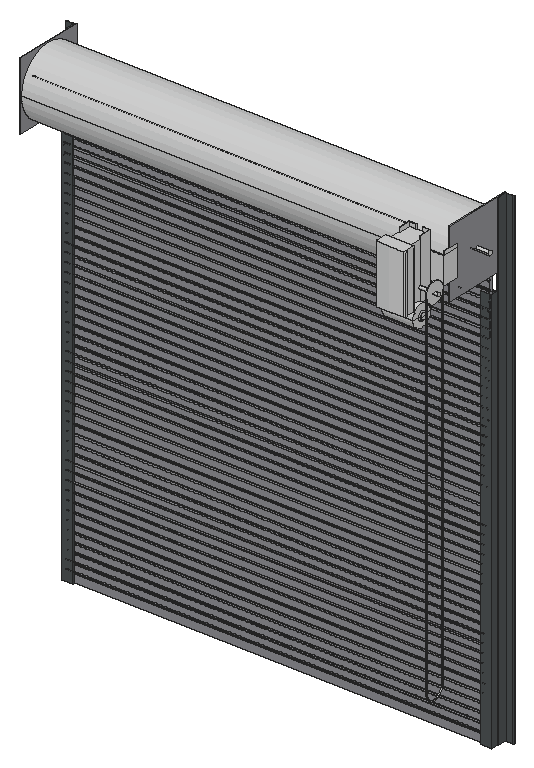
Revit family "Stormtite-HD-Insulated-Rolling-Steel-Service-Doors_OHD_Model-625_compact", category Specialty Equipment, host Wall, Revit 2023
Family settings
  Host = Wall
  Round Connector Dimension = Use Diameter
  Part Type = Normal
  OmniClass Number = 23.30.10.21.34
  OmniClass Title = Industrial Doors
  Enable Cutting in Views = No
  Always vertical = Yes
  Cut with Voids When Loaded = Yes
  Maintain Annotation Orientation = No
  Shared = No
  Room Calculation Point = No
Parameters (values of type "115 volts, one phase, 60 Hz (110-120V range)")
  Width Count [instance] = if(or(Opening Width < 240", Opening Width = 240"), 20, if(or(Opening Width < 288", Opening Width = 288"), 24, 30))  # 20
  Warning Sign [instance] = if(Calculated Area > 683.00 SF, 1 = 1, 1 = 2)  # no
  Warning (Note) [instance] = if(Warning Sign, "The Door Area is out of the limit; please adjust accordingly. The maximum allowed area is 683 sq. ft.", if(Opening Height > 360", "Headroom Clearance Dimensions - out of the limits. Consult Factory", " "))  # " "
  Wall Thickness [instance] = 6"
  Voltage = 115 V
  Version = "1.00.01"  # constant formula
  True Opening Width [instance] = if(Between Jambs Mounting, Door Width True, Clear Width)  # 120"
  True Opening Height [instance] = if(Between Jambs Mounting, Clear Height + Headroom Height, Clear Height)  # 120"
  Slat Type [instance] = "F-265i"  # constant formula
  Slat Option [instance] = 1  # constant formula
  Slat Length [instance] = Clear Width + G Value * 2 - 1" / 2 * 2  # 126"
  Slat Height [instance] = if(Slat < 2, 11 9/32", if(Slat = 2, 13 3/4", 13 19/128"))  # 13 19/128"
  Slat [instance] = 3  # constant formula
  Product Page URL = "https://www.overheaddoor.com/rolling-steel-service-doors-625"
  Power Factor = 1
  Powder Coat (Note) = "PowderGuard® Premium powder coat finish options are available in approximately 200 colors as well as custom matching to specification. PowderGuard® Textured finish, a thicker, more scratch resistant coat, is available in 11 colors providing enhanced scratch resistance as well as aiding in hiding the dirt and blemishes that often occur in commercial environments.​"  # constant formula
  Operator Visibility = yes
  Operation (Note) [instance] = "Door could operate by manual push, crank, electrical operator or chain hoist. Manual push up and crank could be used up to 80 sf, for larger door sizes you have to use Chain Hoist operator."  # constant formula
  Opening Width Real [instance] = if(Opening Width > Max Opening Width, Max Opening Width, if(Opening Width < Min Opening Width, Min Opening Width, Opening Width))  # 120"
  Opening Width [instance] = 120"
  Opening Height Real [instance] = if(Opening Height > Max Opening Height, Max Opening Height, if(Opening Height < Min Opening Height, Min Opening Height, Opening Height))  # 120"
  Opening Height [instance] = 120"
  One Array element [instance] = not(Array Vis)  # no
  Number of Poles = 1
  Motor Type [instance] = if(Between Jambs Mounting, "RSX Front of Hood", if(Motor Option < 2, "RSX Front of Hood", if(Motor Option = 2, "RSX Top of Hood", if(Motor Option = 3, "RSX Wall Mount", "RSX Bench Mount"))))  # "RSX Front of Hood"
  Motor Selection (Note) [instance] = "Generic operator shown. Contact Overhead Door when dimensions are critical. "  # constant formula
  Motor Position [instance] = if(Between Jambs Mounting, BJ Displacement Real, M Value - G Value)  # 2 3/4"
  Motor Option Real [instance] = if(Between Jambs Mounting, 1, if(Motor Option < 1, 1, if(Motor Option > 4, 4, Motor Option)))  # 1
  Motor Option [instance] = 1
  Min Opening Width [instance] = if(Between Jambs Mounting, 18" + BJ Displacement Real * 2 + G Value * 2, 18")  # 18"
  Min Opening Height [instance] = if(Between Jambs Mounting, 24" + Headroom Height, 24")  # 24"
  Max Opening Width [instance] = 364"  # constant formula
  Max Opening Height [instance] = 340"  # constant formula
  Material Finish [instance] = 625 : Standard - Gray
  M Value [instance] = if(or(Opening Width < 108", Opening Width = 108"), 5 1/4", if(or(Opening Width < 180", Opening Width = 180"), 6 1/4", if(or(Opening Width < 240", Opening Width = 240"), 7 1/4", if(or(Opening Width < 360", Opening Width = 360"), 10 1/4", 11 1/4"))))  # 6 1/4"
  Lookup Table = "Hood Dimensions"  # constant formula
  Lookup BD [instance] = size_lookup(Lookup Table, if(Slat = 1, "A1", if(Slat = 2, "A2", "A3")), 10", Width Count, Height Count)  # 20"
  Jambs Offset [instance] = if(Between Jambs Mounting, BJ Displacement Real + G Value, 0")  # 0"
  Installation Real [instance] = if(Between Jambs Mounting, if((Wall Thickness / 2 - Guid Depth / 2) < 0", 0", Wall Thickness / 2 - Guid Depth / 2), Wall Thickness)  # 6"
  Hood Type [instance] = if(Hood Option < 2, "No Hood", if(Hood Option = 2, "Square Hood", if(Hood Option = 3, "Octagon Hood", "Round Hood")))  # "No Hood"
  Hood Option [instance] = 1
  Hood Offset [instance] = if(Chain Hoist or Manual, 3", 5")  # 5"
  Hood Material [instance] = Metal - Overhead Door - Gray
  Hood Height [instance] = Headroom Height Real - Hood Offset  # 20"
  Height Count [instance] = HC 3  # 11
  Lookup HH [instance] = size_lookup(Lookup Table, if(Slat = 1, "A1", if(Slat = 2, "A2", "A3")), 10", Width Count, Height Count)  # 20"
  Headroom Height Real [instance] = if(Face Of Wall Mounting, if(Chain Hoist or Manual, Lookup HH + 3", Lookup HH + 5"), Lookup HH + 3")  # 25"
  Headroom Height [instance] = if(Between Jambs Mounting, Headroom Height Real, if(Hood Option > 1, Headroom Height Real + 1 1/2", Headroom Height Real))  # 25"
  HC 3 [instance] = if(or(Opening Height < 72", Opening Height = 72"), 6, if(or(Opening Height < 96", Opening Height = 96"), 8, if(or(Opening Height < 108", Opening Height = 108"), 9, if(or(Opening Height < 132", Opening Height = 132"), 11, if(or(Opening Height < 156", Opening Height = 156"), 13, if(or(Opening Height < 192", Opening Height = 192"), 16, if(or(Opening Height < 216", Opening Height = 216"), 18, if(or(Opening Height < 252", Opening Height = 252"), 21, 23))))))))  # 11
  Guide Type [instance] = if(Between Jambs Mounting, "Angled Between Jambs Z Guide", "Angled Z Guide")  # "Angled Z Guide"
  Guide Option [instance] = if(Between Jambs Mounting, 1, 2)  # 2
  Guid Depth [instance] = if(Between Jambs Mounting, D Value + 1/4", D Value)  # 5"
  G Value [instance] = if(or(Opening Width < 108", Opening Width = 108"), 3", if(or(Opening Width < 180", Opening Width = 180"), 3 1/2", if(or(Opening Width < 240", Opening Width = 240"), 4", if(or(Opening Width < 360", Opening Width = 360"), 5 5/8", 5 5/8"))))  # 3 1/2"
  Frequency = 60 Hz
  Face of Wall Offset [instance] = if(Between Jambs Mounting, 0", 5")  # 5"
  Face Of Wall Mounting [instance] = not(Between Jambs Mounting)  # yes
  Door Width True [instance] = if(Between Jambs Mounting, Clear Width + BJ Displacement Real * 2 + G Value * 2, Clear Width + M Value * 2)  # 132 1/2"
  Door Width (Real) [instance] = if(Between Jambs Mounting, Clear Width, Clear Width + 1" / 2)  # 120 1/2"
  Door Height True [instance] = Clear Width + Headroom Height  # 145"
  Door Height (Real) [instance] = Clear Height + Hood Offset  # 125"
  URL = "https://www.overheaddoor.com/"
  Product data url = "https://www.bimobject.com/overhead-door/product/stormtite-hd-rolling-steel-service-doors-625"
  Product Guid = "27e66299-b278-4dac-b6f1-fc7303876562"
  Model = "625"  # constant formula
  Manufacturer = "Overhead Door Corporation"  # constant formula
  Wall Closure = By host
  Floor To (CL) of Shaft [instance] = Clear Height + Hood Height / 2 + Hood Offset  # 135"
  Finish Material = Finish - Overhead Door - Black
  Description = "Model 625 Stormtite Insulated Heavy-duty rolling door R-value 7.7, U-value .13, Smoke generation 10, Flame spread 5, STC 21"  # constant formula
  Default Elevation = 0"
  Date Updated = "2026/05/29"  # constant formula
  D Value [instance] = if(or(Opening Width < 108", Opening Width = 108"), 4 1/2", if(or(Opening Width < 180", Opening Width = 180"), 5", if(or(Opening Width < 240", Opening Width = 240"), 5", if(or(Opening Width < 360", Opening Width = 360"), 6", 6"))))  # 5"
  Clear Width [instance] = if(Between Jambs Mounting, Opening Width Real - BJ Displacement Real * 2 - G Value * 2, Opening Width Real)  # 120"
  Clear Height [instance] = if(Between Jambs Mounting, Opening Height Real - Headroom Height, Opening Height Real)  # 120"
  Chain Hoist or Manual = no
  Current = 20 A
  Connector Array Distance = 0"  # constant formula
  Connector Array = if(Chain Hoist or Manual, 2, 3)  # 3
  BimObject_Variable_Connectors = "No"  # constant formula
  Between Jambs Mounting [instance] = no
  Between Jambs Guides Offset [instance] = 3"
  Bar [instance] = if(and(Hood Option > 1, Face Of Wall Mounting), 1 = 1, 1 = 2)  # no
  Backroom Depth [instance] = Lookup BD + 1/2"  # 20 1/2"
  BJ Opening Cut [instance] = if(Between Jambs Mounting, Headroom Height, 0")  # 0"
  BJ Displacement Real [instance] = if(Between Jambs Mounting, if(Between Jambs Guides Offset < 3", 3", if(Between Jambs Guides Offset > 6 3/4", 6 3/4", Between Jambs Guides Offset)), 0")  # 0"
  Array Vis [instance] = if(Array < 2, 1 = 2, 1 = 1)  # yes
  Array Real [instance] = if(Array < 2, 2, Array)  # 10
  Array Length [instance] = (Array) * Slat Height  # 131 31/64"
  Array [instance] = rounddown(([Door Height (Real)] - 3") / Slat Height) + 1  # 10
  Calculated Area [instance] = [Door Width (Real)] * [Door Height (Real)]  # 104.601 SF
  Apparent Load Phase 3 = if(Number of Poles = 1, 0 VA, (Voltage * Current * sqrt(3)) / 3)  # 0 VA
  Apparent Load Phase 2 = if(Number of Poles = 1, 0 VA, (Voltage * Current * sqrt(3)) / 3)  # 0 VA
  Apparent Load Phase 1 = if(Number of Poles = 1, Voltage * Current, (Voltage * Current * sqrt(3)) / 3)  # 2300 VA
Reference planes (in)
  plane 1 "Center (Front/Back)": y = -14.625
  plane 2 "Center (Left/Right)": x = 0
  plane 3 "Left": x = -60
  plane 4 "Right": x = 60
  plane 5 "Exterior": y = -8.625
  plane 6 "Interior": y = -14.625
  plane 7: x = 66.25
  plane 8: x = -66.25
  plane 9: z = 120
  plane 10 "Main": y = -18.98437
  plane 11 "Backroom Depth": y = -32.125
  plane 12 "Main Door Block": y = -11.625
  plane 13 "Bottom Bar": z = 2.75
  plane 14: y = -19.625
  plane 15: z = 134.23438
  plane 16: z = 145
  plane 17: z = 125
  plane 18: z = 146.5
  plane 19: z = 0
  plane 20: z = 60
  plane 21: y = -18.93359
  plane 22: y = 18.375
  plane 23: y = -41.625
  plane 24 "Double Main": y = -18.406
  plane 25 "Headroom Top": z = 145
  plane 26: z = 135
  plane 27: x = 63.5
  plane 28: x = -63.5
  plane 29: z = 121.08594
  plane 30: z = 2.75
  plane 31: y = -18.93359
  plane 32: z = 121.08594
  plane 33: y = -19.625
  plane 34: z = 15.89844
  plane 35: y = -19.01042
  plane 36: z = 29.04688
  plane 37: y = -19.08724
  plane 38: z = 42.19531
  plane 39: y = -19.16406
  plane 40: z = 55.34375
  plane 41: y = -19.24089
  plane 42: z = 68.49219
  plane 43: y = -19.31771
  plane 44: z = 81.64063
  plane 45: y = -19.39453
  plane 46: z = 94.78906
  plane 47: y = -19.47135
  plane 48: z = 107.9375
  plane 49: y = -19.54818
Forms (in)
  Extrusion 1, void
    sketch origin (0, -11.625, 0) x (0, 0, -1) y (-1, 0, 0)
      loop
        line (-120, 60) -> (-120, -60) -> (0, -60) -> (0, 60) -> (-120, 60)
    from -3 to 3
  Extrusion 2, solid, material "Metal - Overhead Door - Gray" <- "Hood Material", visible <- "Bar"
    sketch origin (0, 0, 0) x (0, 1, 0) y (0, 0, 1)
      loop
        line (-14.875, 145) -> (-14.625, 145) -> (-14.625, 146.5) -> (-14.875, 146.5) -> (-14.875, 145)
    from -63.25 to 63.25
Lines and regions (in)
  symbolic lines, visible <- "Bar"
    curve 1: line (63.25, -14.625, 0) -> (-63.25, -14.625, 0)
    curve 2: line (-63.25, -14.875, 0) -> (63.25, -14.875, 0)
Text (in)
  text "Exterior" at (-74.96733, 27.31104, 0), in view "Ref. Level"
  text "Interior" at (-74.96733, -25.14366, 0), in view "Ref. Level"
  text "Exterior" at (0, 40.15149, 123.01588), in view "Right"
  text "Interior" at (0, -64.39139, 123.01588), in view "Right"
  text "Interior" at (0, -31.01599, 123.00693), in view "Left"
  text "Exterior" at (0, 54.57065, 123.00693), in view "Left"
Dimensions and locks (in)
  equal spacing: plane 3 "Left", plane 2 "Center (Left/Right)", plane 4 "Right"
  "Clear Width": plane 3 "Left" to plane 4 "Right"
  level to host wall = 459.59655"
  "Clear Height": level to plane 9
  plane 7 to plane 8 = 132 1/2"
  equal spacing: plane 7, plane 2 "Center (Left/Right)", plane 8
  locked: plane 13 "Bottom Bar" to level at 2.75
  "Door Width True": plane 7 to plane 8
  locked: plane 14 to plane 10 "Main" at 0.64063
  "Array Length": plane 15 to plane 13 "Bottom Bar"
  "Backroom Depth": plane 11 "Backroom Depth" to plane 12 "Main Door Block"
  "Hood Height": plane 16 to plane 17
  locked: plane 18 to plane 16 at 1.5
  locked: Extrusion 2 sketch curve to Extrusion 2 sketch curve at 0.25
  "Installation Real": plane 1 "Center (Front/Back)" to plane 5 "Exterior"
  "Wall Thickness": host wall to host wall
  equal spacing: plane 9, plane 20, plane 19
  locked: plane 10 "Main" to plane 21 at 0.05078
  equal spacing: plane 22, host wall, plane 23
  locked: plane 22 to plane 23 at 60
  locked: plane 10 "Main" to plane 24 "Double Main" at 0.57837
  "BJ Opening Cut": Extrusion 1 sketch curve to plane 9
  locked: Extrusion 2 sketch curve to Extrusion 2 sketch curve at 1.5
  "Hood Offset": plane 17 to plane 9
  "Headroom Height": plane 25 "Headroom Top" to plane 9
  "Floor To (CL) of Shaft": plane 26 to level
  "Jambs Offset": plane 4 "Right" to Extrusion 1 sketch curve
  "Jambs Offset": Extrusion 1 sketch curve to plane 3 "Left"
  "Motor Position": plane 7 to plane 27
  "Motor Position": plane 28 to plane 8
  locked: plane 28 to Extrusion 2 at 0.25
  locked: Extrusion 2 to plane 27 at 0.25
  "Guid Depth": plane 14 to plane 1 "Center (Front/Back)"
  "Slat Height": plane 15 to plane 29
  equal spacing: group 1, group 3, group 4, group 5, group 6, group 7, group 8, group 9, group 10, group 2  (x2)
  equal spacing: group 2, group 10, group 9, group 8, group 7, group 6, group 5, group 4, group 3, group 1
  aligned and locked: plane 5 "Exterior" to host wall
  aligned and locked: host wall to plane 6 "Interior"
  aligned and locked: level to Extrusion 1 sketch curve
  aligned and locked: Extrusion 1 to plane 5 "Exterior"
  aligned and locked: plane 6 "Interior" to Extrusion 1
  aligned and locked: nested 1 to plane 2 "Center (Left/Right)"
  aligned and locked: plane 16 to nested 2
  aligned and locked: nested 1 to level
  aligned and locked: Extrusion 2 sketch curve to plane 18
  aligned and locked: Extrusion 2 sketch curve to plane 6 "Interior"
  aligned and locked: curve 1 to Extrusion 2  (x2)
  aligned and locked: curve 2 to Extrusion 2  (x2)
  aligned and locked: Extrusion 2 to curve 2
  aligned and locked: nested 2 to plane 5 "Exterior"
  aligned and locked: level to plane 19
  aligned and locked: nested 1 to plane 1 "Center (Front/Back)"
  aligned and locked: plane 2 "Center (Left/Right)" to nested 3
  aligned and locked: nested 3 to plane 22
  aligned and locked: plane 23 to nested 4
  aligned and locked: nested 4 to plane 2 "Center (Left/Right)"
  aligned and locked: nested 5 to plane 20
  aligned and locked: plane 2 "Center (Left/Right)" to nested 5
  aligned and locked: nested 2 to plane 27
  aligned and locked: nested 5 to plane 21
  aligned and locked: nested 1 to plane 13 "Bottom Bar"
  aligned and locked: plane 13 "Bottom Bar" to plane 30
  aligned and locked: plane 21 to plane 31
  aligned and locked: plane 29 to plane 32
  aligned and locked: plane 14 to plane 33
  aligned and locked: plane 21 to nested 14
Automatic sketch dimensions
  curve 1 to curve 2 = 0"
Nested families (in)
  nested 1: "Lifts" at (0, -14.625, 0), type "Frame Unit"
    with Square Hood no, Round Hood no, Octagon Hood no, No Hood yes, M Value 6 1/4", Hood Offset 5", Hood Height 20", Headroom Height Real 25", Half Octagon Side 4.14214", Half Hood Height 20", Shaft Offset 10", Radius Hood 10", Headroom Height 25", Header Width 20 1/2", Guide Z Wide 2 3/4", Floor To (CL) of Shaft 135", D Value 5"
  nested 2: "Motor" at (56.6205, -42.705, 123.93), visible <- "Operator Visibility", type "Trolley Motor"
    with Vertical Mount 21.07", Hood Width Real 20 1/2", Hood Width 20 1/2", Hood Height 20", Floor To Cl Shaft 135"
  nested 3: "Label Annotation 1" at (0, 18.375, 0), visible <- "Warning Sign", type "Label Annotation 1"
  nested 4: "Label Annotation 1" at (0, -41.625, 0) x (-1, 0, 0) z (0, 0, 1), visible <- "Warning Sign", type "Label Annotation 1"
  nested 5: "Warning Sign" at (0, -18.93359, 60), visible <- "Warning Sign", type "Warning Sign"
    with Warning Sign no
  nested 6: "625" at (0, -18.93359, 2.75), type <- "Material Finish", Slat Option <- "Slat", visible <- "Array Vis", Opening Width <- "Slat Length", type "Standard - Gray"
    with Void Offset 1", Void Height 1", Slat Width 3/4", Slat Position + Offset 14.491", Slat Position 13.15", Slat Option 3, Opening Width 126", Integrated Cutout no, F 265, FE 265 yes, Cutout Width Offset 1", Cutout Vertical Offset 1.341", Cutout Horizontal Offset 1", C 275 no, C 187 Standard no
  nested 7: "625" at (0, -19.625, 121.08594), type <- "Material Finish", Slat Option <- "Slat", visible <- "Array Vis", Opening Width <- "Slat Length", type "Standard - Gray"
    with Void Offset 1", Void Height 1", Slat Width 3/4", Slat Position + Offset 14.491", Slat Position 13.15", Slat Option 3, Opening Width 126", Integrated Cutout no, F 265, FE 265 yes, Cutout Width Offset 1", Cutout Vertical Offset 1.341", Cutout Horizontal Offset 1", C 275 no, C 187 Standard no
  nested 8: "625" at (0, -19.01042, 15.89844), type <- "Material Finish", Slat Option <- "Slat", visible <- "Array Vis", Opening Width <- "Slat Length", type "Standard - Gray"
    with Void Offset 1", Void Height 1", Slat Width 3/4", Slat Position + Offset 14.491", Slat Position 13.15", Slat Option 3, Opening Width 126", Integrated Cutout no, F 265, FE 265 yes, Cutout Width Offset 1", Cutout Vertical Offset 1.341", Cutout Horizontal Offset 1", C 275 no, C 187 Standard no
  nested 9: "625" at (0, -19.08724, 29.04688), type <- "Material Finish", Slat Option <- "Slat", visible <- "Array Vis", Opening Width <- "Slat Length", type "Standard - Gray"
    with Void Offset 1", Void Height 1", Slat Width 3/4", Slat Position + Offset 14.491", Slat Position 13.15", Slat Option 3, Opening Width 126", Integrated Cutout no, F 265, FE 265 yes, Cutout Width Offset 1", Cutout Vertical Offset 1.341", Cutout Horizontal Offset 1", C 275 no, C 187 Standard no
  nested 10: "625" at (0, -19.16406, 42.19531), type <- "Material Finish", Slat Option <- "Slat", visible <- "Array Vis", Opening Width <- "Slat Length", type "Standard - Gray"
    with Void Offset 1", Void Height 1", Slat Width 3/4", Slat Position + Offset 14.491", Slat Position 13.15", Slat Option 3, Opening Width 126", Integrated Cutout no, F 265, FE 265 yes, Cutout Width Offset 1", Cutout Vertical Offset 1.341", Cutout Horizontal Offset 1", C 275 no, C 187 Standard no
  nested 11: "625" at (0, -19.24089, 55.34375), type <- "Material Finish", Slat Option <- "Slat", visible <- "Array Vis", Opening Width <- "Slat Length", type "Standard - Gray"
    with Void Offset 1", Void Height 1", Slat Width 3/4", Slat Position + Offset 14.491", Slat Position 13.15", Slat Option 3, Opening Width 126", Integrated Cutout no, F 265, FE 265 yes, Cutout Width Offset 1", Cutout Vertical Offset 1.341", Cutout Horizontal Offset 1", C 275 no, C 187 Standard no
  nested 12: "625" at (0, -19.31771, 68.49219), type <- "Material Finish", Slat Option <- "Slat", visible <- "Array Vis", Opening Width <- "Slat Length", type "Standard - Gray"
    with Void Offset 1", Void Height 1", Slat Width 3/4", Slat Position + Offset 14.491", Slat Position 13.15", Slat Option 3, Opening Width 126", Integrated Cutout no, F 265, FE 265 yes, Cutout Width Offset 1", Cutout Vertical Offset 1.341", Cutout Horizontal Offset 1", C 275 no, C 187 Standard no
  nested 13: "625" at (0, -19.39453, 81.64063), type <- "Material Finish", Slat Option <- "Slat", visible <- "Array Vis", Opening Width <- "Slat Length", type "Standard - Gray"
    with Void Offset 1", Void Height 1", Slat Width 3/4", Slat Position + Offset 14.491", Slat Position 13.15", Slat Option 3, Opening Width 126", Integrated Cutout no, F 265, FE 265 yes, Cutout Width Offset 1", Cutout Vertical Offset 1.341", Cutout Horizontal Offset 1", C 275 no, C 187 Standard no
  nested 14: "625" at (0, -18.93359, 2.75), type <- "Material Finish", Slat Option <- "Slat", visible <- "One Array element", Opening Width <- "Slat Length", type "Standard - Gray"
    with Void Offset 1", Void Height 1", Slat Width 3/4", Slat Position + Offset 14.491", Slat Position 13.15", Slat Option 3, Opening Width 126", Integrated Cutout no, F 265, FE 265 yes, Cutout Width Offset 1", Cutout Vertical Offset 1.341", Cutout Horizontal Offset 1", C 275 no, C 187 Standard no
  nested 15: "625" at (0, -19.47135, 94.78906), type <- "Material Finish", Slat Option <- "Slat", visible <- "Array Vis", Opening Width <- "Slat Length", type "Standard - Gray"
    with Void Offset 1", Void Height 1", Slat Width 3/4", Slat Position + Offset 14.491", Slat Position 13.15", Slat Option 3, Opening Width 126", Integrated Cutout no, F 265, FE 265 yes, Cutout Width Offset 1", Cutout Vertical Offset 1.341", Cutout Horizontal Offset 1", C 275 no, C 187 Standard no
  nested 16: "625" at (0, -19.54818, 107.9375), type <- "Material Finish", Slat Option <- "Slat", visible <- "Array Vis", Opening Width <- "Slat Length", type "Standard - Gray"
    with Void Offset 1", Void Height 1", Slat Width 3/4", Slat Position + Offset 14.491", Slat Position 13.15", Slat Option 3, Opening Width 126", Integrated Cutout no, F 265, FE 265 yes, Cutout Width Offset 1", Cutout Vertical Offset 1.341", Cutout Horizontal Offset 1", C 275 no, C 187 Standard no
Connectors (in)
  electrical at (59.6085, -41.31077, 134.4998), driven by "Apparent Load Phase 1", driven by "Power Factor", driven by "Voltage", driven by "Apparent Load Phase 2", driven by "Apparent Load Phase 3", driven by "Number of Poles"
    settings: on nested 2, index 1, voltage 115 V, apparent load 0 VA, apparent load phase1 2300 VA, apparent load phase2 0 VA, apparent load phase3 0 VA, power factor 1, load classification "Other", number of poles 1, system type 31, power factor state 1, is connector primary yes, connector utility no, sub classification motor no, connector description "Electrical Connector"
Definition of nested family "Lifts"
  Parameters (values of type "Frame Unit")
    True Width = if(Between Jambs, Opening Width, Opening Width + 1/2")  # 120 1/2"
    Square Hood [instance] = if(Hood Option = 2, 1 = 1, 1 = 2)  # no
    Slat Option = 1
    Round Hood [instance] = if(Hood Option > 3, 1 = 1, 1 = 2)  # no
    Rough Width = 0"
    Rough Height = 0"
    Octagon Hood [instance] = if(Hood Option = 3, 1 = 1, 1 = 2)  # no
    No Hood [instance] = if(Hood Option < 2, 1 = 1, 1 = 2)  # yes
    M Value = 5 1/4"
    Hood Type = if(Hood Option < 2, "No Hood", if(Hood Option = 2, "Square Hood", if(Hood Option = 3, "Octagon Hood", "Round Hood")))  # "No Hood"
    Hood Option = 1
    Hood Offset = 3"
    Hood Height = Headroom Height Real - Hood Offset  # 16"
    Headroom Height Real = Headroom Height  # 19"
    Half Octagon Side = (Radius Hood * 2 * tan(180.00° / 8)) / 2  # 3.00305"
    Half Hood Height = Headroom Height - Hood Offset  # 16"
    G Value = 3 1/2"
    E Guide Width = if(Between Jambs, Guide Offset - G Value + BJ Connection Length - BJ Displacement * 2 / 3, 3")  # 3"
    E Guide Height = 3"  # constant formula
    Z Guide = 1 = 1  # yes
    Slat Material = none
    Shaft Offset = if(Hood Option > 3, (Header Width - (Header Width - Hood Height)) / 2, if(Hood Height < Header Width, (Header Width - (Header Width - Hood Height)) / 2, Header Width / 2))  # 7 1/4"
    Shaft Material = none
    Shaft Length 2 = if(Between Jambs, G Value + BJ Displacement, G Value + 4")  # 7 1/2"
    Shaft Length 1 = if(Between Jambs, G Value + BJ Displacement, G Value + 4")  # 7 1/2"
    Setback = if(Between Jambs, 0", 1/4")  # 1/4"
    Radius Hood = Shaft Offset  # 7 1/4"
    Opening Width = 120"
    Hood Material = none
    Headroom Height = 19"
    Header Width = 14 1/2"
    Opening Height = 120"
    Guide Type = if(Between Jambs, "Angled Between Jambs Z Guide", if(Guide Option > 1, "Angled Z Guide", "Angled E Guide"))  # "Angled Z Guide"
    Guide Option = if(Between Jambs, 1, 2)  # 2
    Guide Offset = BJ Displacement + G Value  # 3 1/2"
    Guide Z Wide = if(Between Jambs, Guide Offset - G Value + BJ Connection Length - BJ Displacement * 2 / 3, M Value - G Value)  # 1 3/4"
    Guide Z Height = 3"  # constant formula
    Floor To (CL) of Shaft = 131"
    Finish Material = none
    Face to Wall Mount = not(Between Jambs)  # yes
    E Guide = if(Between Jambs, 1 = 1, 1 = 2)  # no
    Default Elevation = 0"
    D Value = 4 1/2"
    Between Jambs = no
    BJ Position = if(Between Jambs, 1/4", 0")  # 0"
    BJ Displacement = 0"
    BJ Connection Length = 1 / 3 * BJ Displacement  # 0"
    Angled Guide = 1 = 1  # yes
  Reference planes (in)
    plane 1 "Center (Front/Back)": y = 0
    plane 2: z = 0
    plane 3 "Center (Left/Right)": x = 0
    plane 4 "Opening Height": z = 120
    plane 5: x = -67.5
    plane 6: x = 67.5
    plane 7: z = 139
    plane 8: y = 14.5
    plane 9 "Real Opening 2": x = -60
    plane 10 "Real Opening 1": x = 60
    plane 11: z = 123
    plane 12 "Main": y = 0
    plane 13: z = 131
    plane 14: y = 7.25
    plane 15: x = 63.5
    plane 16: x = -63.5
    plane 17: x = -63.5
    plane 18: x = 63.5
    plane 19: y = 4.5
    plane 20: x = -63.25
    plane 21: x = 63.25
    plane 22: y = 7.25
    plane 23: z = 140.5
    plane 24: y = 4.5
    plane 25: y = 3.375
    plane 26: y = 4.5
    plane 27: y = 3.375
  Forms (in)
    Extrusion 1, solid, material <- "Slat Material"
      sketch origin (0, 0, 0) x (0, 1, 0) y (0, 0, 1)
        loop
          line (3.6875, 2.375) -> (3.6875, 2.75) -> (3.0625, 2.75) -> (3.0625, 2.375) -> (3.6875, 2.375)
      from -63.25 to 63.25
    Extrusion 2, solid, material <- "Slat Material"
      sketch origin (0, 0, 0) x (0, 1, 0) y (0, 0, 1)
        loop
          line (3.6875, 2.375) -> (3.0625, 2.375) -> (3.0625, 0) -> (3.6875, 0) -> (3.6875, 2.375)
      from -63.25 to 63.25
    Extrusion 3, solid, material <- "Shaft Material"
      sketch origin (0, -5.35201, 0) x (0, 1, 0) y (0, 0, 1)
        loop
          circle (12.60201, 131) r 0.6
      from -67.5 to 67.5
    Extrusion 4, solid, material <- "Hood Material", visible <- "Square Hood"
      sketch origin (0, 0, 0) x (0, 1, 0) y (0, 0, 1)
        loop
          line (0, 123) -> (14.5, 123) -> (14.5, 139) -> (0, 139) -> (0, 123)
      from -63.25 to 63.25
    Extrusion 5, solid, material <- "Hood Material", visible <- "Round Hood"
      sketch origin (0, 0, 0) x (0, 1, 0) y (0, 0, 1)
        loop
          line (0, 139) -> (0, 123) -> (7.25, 123)
          arc (7.25, 123) -> (15.25, 131) -> (7.25, 139) r 8
          line (7.25, 139) -> (0, 139)
      from -63.25 to 63.25
    Extrusion 6, solid, material <- "Finish Material", visible <- "E Guide"
      sketch origin (0, 0, 0) x (1, 0, 0) y (0, 1, 0)
        loop
          line (60.5, 0) -> (63.5, 0) -> (63.5, 3) -> (63.4375, 3)
          arc (63.4375, 3) -> (63.30492, 2.94508) -> (63.25, 2.8125) r 0.1875
          line (63.25, 2.8125) -> (63.25, 0.25) -> (60.6875, 0.25)
          arc (60.6875, 0.25) -> (60.55492, 0.19508) -> (60.5, 0.0625) r 0.1875
          line (60.5, 0.0625) -> (60.5, 0)
        loop
          line (-60.5, 0) -> (-60.5, 0.0625)
          arc (-60.5, 0.0625) -> (-60.55492, 0.19508) -> (-60.6875, 0.25) r 0.1875
          line (-60.6875, 0.25) -> (-63.25, 0.25) -> (-63.25, 2.8125)
          arc (-63.25, 2.8125) -> (-63.30492, 2.94508) -> (-63.4375, 3) r 0.1875
          line (-63.4375, 3) -> (-63.5, 3) -> (-63.5, 0) -> (-60.5, 0)
      from 0 to 139
    Extrusion 7, solid, material <- "Finish Material", visible <- "Z Guide"
      sketch origin (0, 0, 0) x (1, 0, 0) y (0, 1, 0)
        loop
          line (65.25, 0) -> (65.25, 0.062)
          arc (65.25, 0.062) -> (65.19494, 0.19494) -> (65.062, 0.25) r 0.188
          line (65.062, 0.25) -> (63.75, 0.25) -> (63.75, 2.812)
          arc (63.75, 2.812) -> (63.69494, 2.94494) -> (63.562, 3) r 0.188
          line (63.562, 3) -> (63.5, 3) -> (63.5, 0) -> (65.25, 0)
        loop
          line (-65.25, 0) -> (-63.5, 0) -> (-63.5, 3) -> (-63.562, 3)
          arc (-63.562, 3) -> (-63.69494, 2.94494) -> (-63.75, 2.812) r 0.188
          line (-63.75, 2.812) -> (-63.75, 0.25) -> (-65.062, 0.25)
          arc (-65.062, 0.25) -> (-65.19494, 0.19494) -> (-65.25, 0.062) r 0.188
          line (-65.25, 0.062) -> (-65.25, 0)
      from 0 to 139
    Extrusion 8, solid, material <- "Finish Material", visible <- "Angled Guide"
      sketch origin (0, 0, 0) x (1, 0, 0) y (0, 1, 0)
        loop
          line (60.25, 4.5) -> (60.25, 4.437)
          arc (60.25, 4.437) -> (60.30477, 4.30477) -> (60.437, 4.25) r 0.187
          line (60.437, 4.25) -> (63.25, 4.25) -> (63.25, 2.5) -> (60.25, 2.5) -> (60.25, 2.437)
          arc (60.25, 2.437) -> (60.30477, 2.30477) -> (60.437, 2.25) r 0.187
          line (60.437, 2.25) -> (63, 2.25) -> (63, 0.5625) -> (63.25, 0.5625) -> (63.25, 0.25) -> (63.5, 0.25) -> (63.5, 4.5) -> (60.25, 4.5)
        loop
          line (-60.25, 4.5) -> (-63.5, 4.5) -> (-63.5, 0.25) -> (-63.25, 0.25) -> (-63.25, 0.5625) -> (-63, 0.5625) -> (-63, 2.25) -> (-60.437, 2.25)
          arc (-60.437, 2.25) -> (-60.30477, 2.30477) -> (-60.25, 2.437) r 0.187
          line (-60.25, 2.437) -> (-60.25, 2.5) -> (-63.25, 2.5) -> (-63.25, 4.25) -> (-60.437, 4.25)
          arc (-60.437, 4.25) -> (-60.30477, 4.30477) -> (-60.25, 4.437) r 0.187
          line (-60.25, 4.437) -> (-60.25, 4.5)
      from 0 to 120
    Extrusion 9, solid, material <- "Hood Material"
      sketch origin (0, 0, 0) x (-1, 0, 0) y (0, 0, 1)
        loop
          line (63.25, 123) -> (63.5, 123) -> (63.5, 139) -> (63.25, 139) -> (63.25, 123)
        loop
          line (-63.5, 123) -> (-63.25, 123) -> (-63.25, 139) -> (-63.5, 139) -> (-63.5, 123)
      from 0 to 14.5
    Extrusion 10, solid, material <- "Shaft Material", visible <- "No Hood"
      sketch origin (0, 0, 0) x (0, 1, 0) y (0, 0, 1)
        loop
          circle (7.25, 131) r 7.25
      from -63.25 to 63.25
    Extrusion 11, solid, material <- "Hood Material", visible <- "Octagon Hood"
      sketch origin (0, 0, 0) x (0, 1, 0) y (0, 0, 1)
        loop
          line (0, 139) -> (0, 123) -> (10.25305, 123) -> (14.5, 127.99695) -> (14.5, 134.00305) -> (10.25305, 139) -> (0, 139)
      from -63.25 to 63.25
  Lines and regions (in)
    Masking region 1
      outline origin (0, 0, 0) x (1, 0, 0) y (0, 1, 0)
        loop
          line (67.5, 7.85) -> (63.5, 7.85) -> (63.5, 6.65) -> (67.5, 6.65) -> (67.5, 7.85)
        loop
          line (-67.5, 6.65) -> (-63.5, 6.65) -> (-63.5, 7.85) -> (-67.5, 7.85) -> (-67.5, 6.65)
    Masking region 2
      outline origin (0, 0, 0) x (1, 0, 0) y (0, 1, 0)
        loop
          line (-63.5, 14.5) -> (-63.5, 0) -> (63.5, 0) -> (63.5, 14.5) -> (-63.5, 14.5)
    Masking region 3, visible <- "Z Guide"
      outline origin (0, 0, 0) x (1, 0, 0) y (0, 1, 0)
        loop
          line (65.062, 0.25) -> (63.75, 0.25) -> (63.75, 2.812)
          arc (63.75, 2.812) -> (63.69494, 2.94494) -> (63.562, 3) r 0.188
          line (63.562, 3) -> (63.5, 3) -> (63.5, 0) -> (65.25, 0) -> (65.25, 0.062)
          arc (65.25, 0.062) -> (65.19494, 0.19494) -> (65.062, 0.25) r 0.188
        loop
          line (-63.75, 0.25) -> (-65.062, 0.25)
          arc (-65.062, 0.25) -> (-65.19494, 0.19494) -> (-65.25, 0.062) r 0.188
          line (-65.25, 0.062) -> (-65.25, 0) -> (-63.5, 0) -> (-63.5, 3) -> (-63.562, 3)
          arc (-63.562, 3) -> (-63.69494, 2.94494) -> (-63.75, 2.812) r 0.188
          line (-63.75, 2.812) -> (-63.75, 0.25)
    Masking region 4, visible <- "E Guide"
      outline origin (0, 0, 0) x (1, 0, 0) y (0, 1, 0)
        loop
          line (-63.5, 3) -> (-63.5, 0) -> (-60.5, 0) -> (-60.5, 0.0625)
          arc (-60.5, 0.0625) -> (-60.55492, 0.19508) -> (-60.6875, 0.25) r 0.1875
          line (-60.6875, 0.25) -> (-63.25, 0.25) -> (-63.25, 2.8125)
          arc (-63.25, 2.8125) -> (-63.30492, 2.94508) -> (-63.4375, 3) r 0.1875
          line (-63.4375, 3) -> (-63.5, 3)
        loop
          line (63.5, 0) -> (63.5, 3) -> (63.4375, 3)
          arc (63.4375, 3) -> (63.30492, 2.94508) -> (63.25, 2.8125) r 0.1875
          line (63.25, 2.8125) -> (63.25, 0.25) -> (60.6875, 0.25)
          arc (60.6875, 0.25) -> (60.55492, 0.19508) -> (60.5, 0.0625) r 0.1875
          line (60.5, 0.0625) -> (60.5, 0) -> (63.5, 0)
    symbolic lines
      curve 1: line (-63.25, 0, 0) -> (-63.25, 14.5, 0)
      curve 2: line (63.25, 14.5, 0) -> (63.25, 0, 0)
    symbolic lines, visible <- "Octagon Hood"
      curve 3: line (-63.25, 10.25305, 0) -> (63.25, 10.25305, 0)
  Dimensions and locks (in)
    Extrusion 1 sketch curve to level = 2 3/8"
    locked: Extrusion 1 sketch curve to Extrusion 1 sketch curve at 0.625
    locked: Extrusion 2 sketch curve to level at 2.375
    "Headroom Height Real": plane 7 to plane 4 "Opening Height"
    plane 8 to plane 1 "Center (Front/Back)" = 14 1/2"
    "Radius Hood": Extrusion 5 sketch curve to plane 8
    "Opening Height": plane 4 "Opening Height" to level
    "Hood Offset": plane 11 to plane 4 "Opening Height"
    "BJ Position": plane 12 "Main" to plane 1 "Center (Front/Back)"
    "Header Width": plane 12 "Main" to plane 8
    "Floor To (CL) of Shaft": plane 13 to level
    "Shaft Offset": Extrusion 3 sketch curve to plane 8
    locked: Extrusion 2 sketch curve to Extrusion 2 sketch curve at 0.625
    "Shaft Offset": plane 8 to plane 14
    locked: Masking region 1 sketch curve to Masking region 1 sketch curve at 1.2
    locked: Masking region 1 sketch curve to plane 14 at 0.6
    "Guide Offset": plane 10 "Real Opening 1" to plane 15
    "Guide Offset": plane 16 to plane 9 "Real Opening 2"
    locked: Extrusion 6 sketch curve to Extrusion 6 sketch curve at 0.25  (x4)
    "E Guide Height": Extrusion 6 sketch curve to Extrusion 6 sketch curve  (x2)
    "E Guide Width": Extrusion 6 sketch curve to Extrusion 6 sketch curve  (x2)
    locked: Extrusion 7 sketch curve to Extrusion 7 sketch curve at 0.25  (x4)
    "Guide Z Wide": Extrusion 7 sketch curve to Extrusion 7 sketch curve  (x2)
    "Guide Z Height": Extrusion 7 sketch curve to Extrusion 7 sketch curve  (x2)
    locked: Extrusion 8 sketch curve to Extrusion 8 sketch curve at 0.25  (x8)
    locked: Extrusion 8 sketch curve to Extrusion 8 sketch curve at 2.25  (x2)
    locked: Extrusion 8 sketch curve to Extrusion 8 sketch curve at 4.25  (x2)
    locked: Extrusion 8 sketch curve to Extrusion 8 sketch curve at 0.3125  (x2)
    "Setback": plane 10 "Real Opening 1" to Extrusion 8 sketch curve
    "Setback": Extrusion 8 sketch curve to plane 9 "Real Opening 2"
    equal spacing: plane 16, plane 3 "Center (Left/Right)", plane 15
    "G Value": Extrusion 7 sketch curve to plane 9 "Real Opening 2"
    "G Value": plane 10 "Real Opening 1" to Extrusion 7 sketch curve
    "G Value": plane 10 "Real Opening 1" to plane 18
    "G Value": plane 17 to plane 9 "Real Opening 2"
    "Shaft Length 1": plane 5 to plane 9 "Real Opening 2"
    "Shaft Length 2": plane 6 to plane 10 "Real Opening 1"
    locked: Extrusion 2 to plane 18 at 0.25
    locked: Extrusion 2 to plane 17 at 0.25
    locked: plane 17 to plane 20 at 0.25
    locked: plane 21 to plane 18 at 0.25
    "Shaft Offset": Extrusion 10 sketch curve to plane 8
    plane 13 to plane 11 = 8"
    plane 7 to plane 13 = 8"
    "Shaft Offset": plane 22 to plane 8
    "Half Octagon Side": Extrusion 11 sketch curve to plane 13
    "Half Octagon Side": plane 13 to Extrusion 11 sketch curve
    "Half Octagon Side": plane 22 to Extrusion 11 sketch curve  (x2)
    equal spacing: plane 9 "Real Opening 2", plane 3 "Center (Left/Right)", plane 10 "Real Opening 1"
    "Opening Width": plane 9 "Real Opening 2" to plane 10 "Real Opening 1"
    locked: plane 23 to plane 7 at 1.5
    "D Value": plane 1 "Center (Front/Back)" to plane 19
    "D Value": plane 24 to plane 1 "Center (Front/Back)"
    locked: plane 24 to plane 25 at 1.125
    equal spacing: Extrusion 1 sketch curve, plane 25, Extrusion 1 sketch curve
    "D Value": plane 26 to plane 1 "Center (Front/Back)"
    locked: plane 26 to plane 27 at 1.125
    equal spacing: Extrusion 2 sketch curve, plane 27, Extrusion 2 sketch curve
    "G Value": plane 10 "Real Opening 1" to Extrusion 8 sketch curve
    "G Value": Extrusion 8 sketch curve to plane 9 "Real Opening 2"
    radius of Extrusion 6 sketch curve = 3/16"  (x4)
    radius of Extrusion 7 sketch curve = 0.188"  (x4)
    locked: Extrusion 8 sketch curve to Extrusion 8 sketch curve (radius 0.187")  (x4)
    "Radius Hood": radius of Extrusion 10 sketch curve
    aligned and locked: plane 2 to level
    aligned and locked: plane 5 to Extrusion 3
    aligned and locked: Extrusion 3 to plane 6
    aligned and locked: Extrusion 4 sketch curve to plane 7
    aligned and locked: Extrusion 4 sketch curve to plane 8
    aligned and locked: Extrusion 5 sketch curve to plane 7
    aligned and locked: plane 13 to Extrusion 3 sketch curve
    aligned and locked: plane 5 to Masking region 1 sketch curve
    aligned and locked: plane 6 to Masking region 1 sketch curve
    aligned and locked: Masking region 1 sketch curve to Masking region 1 sketch curve  (x2)
    aligned and locked: plane 12 "Main" to Extrusion 6 sketch curve  (x2)
    aligned and locked: Extrusion 6 sketch curve to plane 15
    aligned and locked: plane 16 to Extrusion 6 sketch curve
    aligned and locked: Extrusion 7 sketch curve to plane 1 "Center (Front/Back)"  (x2)
    aligned and locked: Extrusion 8 sketch curve to Extrusion 8 sketch curve  (x4)
    aligned and locked: plane 19 to Extrusion 8 sketch curve
    aligned and locked: Extrusion 8 sketch curve to plane 19
    aligned and locked: plane 4 "Opening Height" to Extrusion 8
    aligned and locked: Extrusion 5 sketch curve to plane 12 "Main"
    aligned and locked: plane 12 "Main" to Extrusion 4 sketch curve
    aligned and locked: Extrusion 9 sketch curve to plane 11  (x2)
    aligned and locked: Extrusion 9 sketch curve to plane 7  (x2)
    aligned and locked: plane 17 to Extrusion 9 sketch curve
    aligned and locked: Extrusion 9 sketch curve to plane 18
    aligned and locked: Masking region 2 sketch curve to Extrusion 4
    aligned and locked: Masking region 2 to curve 2  (x2)
    aligned and locked: Masking region 2 to curve 1  (x2)
    aligned and locked: Masking region 3 sketch curve to Extrusion 7  (x10)
    aligned and locked: Extrusion 7 to Masking region 3 sketch curve
    aligned and locked: Masking region 4 sketch curve to Extrusion 6  (x10)
    aligned and locked: Extrusion 2 to Extrusion 1
    aligned and locked: Extrusion 1 to Extrusion 2
    aligned and locked: Extrusion 9 to curve 1
    aligned and locked: Extrusion 9 to curve 2
    aligned and locked: Masking region 2 to plane 17
    aligned and locked: Masking region 2 to plane 18
    aligned and locked: plane 18 to Masking region 1 sketch curve
    aligned and locked: Masking region 1 sketch curve to plane 17
    aligned and locked: plane 20 to Extrusion 9 sketch curve
    aligned and locked: plane 21 to Extrusion 9 sketch curve
    aligned and locked: plane 20 to Extrusion 4
    aligned and locked: plane 20 to Extrusion 5
    aligned and locked: Extrusion 4 to plane 21
    aligned and locked: Extrusion 5 to plane 21
    aligned and locked: plane 13 to Extrusion 10 sketch curve
    aligned and locked: Extrusion 11 sketch curve to plane 12 "Main"
    aligned and locked: Extrusion 11 sketch curve to plane 7
    aligned and locked: Extrusion 11 sketch curve to plane 11
    aligned and locked: Extrusion 11 sketch curve to plane 8
    aligned and locked: Extrusion 11 to plane 20
    aligned and locked: Extrusion 11 to plane 21
    aligned and locked: plane 20 to Extrusion 10
    aligned and locked: Extrusion 10 to plane 21
    aligned and locked: plane 8 to Extrusion 9
    aligned and locked: Extrusion 11 to curve 3
    aligned and locked: plane 20 to curve 3
    aligned and locked: plane 21 to curve 3
    aligned and locked: plane 7 to Extrusion 7
    aligned and locked: plane 7 to Extrusion 6
    aligned and locked: Extrusion 4 sketch curve to plane 11
    aligned and locked: Extrusion 5 sketch curve to plane 11
  Automatic sketch dimensions
    plane 17 to Masking region 2 sketch curve = 0"
    Masking region 2 sketch curve to plane 18 = 0"
    Masking region 2 sketch curve to plane 1 "Center (Front/Back)" = 0"
    Extrusion 1 sketch curve to Extrusion 1 sketch curve = 3/8"
    Extrusion 2 sketch curve to level = 0"
    radius of Extrusion 3 sketch curve = 0.6"
Definition of nested family "Motor"
  Parameters (values of type "Trolley Motor")
    Wall Mount RSX = if(Chain Hoist, 1 = 2, if(Motor Option = 3, 1 = 1, 1 = 2))  # no
    Top Mount RSX = if(Chain Hoist, 1 = 2, if(Motor Option = 2, 1 = 1, 1 = 2))  # no
    Shaft Material = none
    Real Exterior Wall Offset = if(Wall Mount RSX, Displacement, Exterior Wall Offset + if(and(BJ, Bench Mount RSX, Hood Width < 19 1/2"), 2.6", 0"))  # 6"
    Not Chain Hoist = not(Chain Hoist)  # yes
    Not Bench + Top = not(or(Top Mount RSX, Chain Hoist, Bench Mount RSX))  # yes
    Horizontal Mount = if(Face Mount RSX, 5.08" + 0.12" + 2.38", if(Top Mount RSX, 11.19", if(Wall Mount RSX, 5.08", if(Bench Mount RSX, 4.77" + if(or(Hood Width < 14", Hood Width = 14"), 6.13", if(or(Hood Width < 16", Hood Width = 16"), 4.13", 3 1/4")), 0"))))  # 7.58"
    Not Fire King = if(Chain Hoist, 1 = 2, not(Chain Hoist))  # yes
    Vertical Mount = if(Face Mount RSX, 11.07" + Hood Height / 2, if(Top Mount RSX, 14.92" - 0.13" - 2.38", if(Wall Mount RSX, 20.03" + 6" + Hood Height / 2, if(Bench Mount RSX, 20" + 2.29" + Hood Height / 2, Hood Height))))  # 18.07"
    Motor Type = if(Motor Option < 2, "RSX FDO Face Mount", if(Motor Option = 2, "RSX FDO Top Mount", if(Motor Option = 3, "RSX Wall Mount", if(Motor Option = 4, "RSX Bench Mount", "Chain Hoist"))))  # "RSX FDO Face Mount"
    Motor Option = 1
    Main Material = none
    Hood Width Real = if(Wall Mount RSX, 0", if(Chain Hoist, if(Hood Height < Hood Width, (Hood Width + (Hood Width - Hood Height)) / 2, Hood Width / 2), Hood Width))  # 14 1/2"
    Hood Width = 14 1/2"
    Hood Height = 14"
    Hood Mount = if(or(Face Mount RSX, Top Mount RSX), 0.37", if(Wall Mount RSX, if(BJ, 12.24" + BJ Displacement, 14.74"), if(Bench Mount RSX, 14.49", 4.26")))  # 0.37"
    Floor To Cl Shaft = 132"
    Fire King RHX = 1 = 2  # no
    Top Option Offset = if(or(Top Mount RSX, Bench Mount RSX), 20", 0")  # 0"
    Face+Top = if(Chain Hoist, 1 = 2, if(or(Face Mount RSX, Top Mount RSX), 1 = 1, 1 = 2))  # yes
    Face Mount RSX = if(Chain Hoist, 1 = 2, if(Motor Option < 2, 1 = 1, 1 = 2))  # yes
    Top + Bench = if(Chain Hoist, 1 = 2, if(or(Top Mount RSX, Bench Mount RSX), 1 = 1, 1 = 2))  # no
    Face + Top + Bench = if(Chain Hoist, 1 = 2, if(or(Face Mount RSX, Top Mount RSX, Bench Mount RSX), 1 = 1, 1 = 2))  # yes
    Exterior Wall Offset = 6"
    Displacement = 6"
    Default Elevation = 48"
    Chain V Offset = if(or(Face Mount RSX, Wall Mount RSX), 6.53", if(or(Top Mount RSX, Bench Mount RSX), 18.81", Hood Height / 2))  # 6.53"
    Chain H Offset = if(or(Face Mount RSX, Wall Mount RSX), 1.19", if(or(Top Mount RSX, Bench Mount RSX), 6.53", 0"))  # 1.19"
    Chain Hoist = no
    Bench Mount RSX = if(Chain Hoist, 1 = 2, if(Motor Option > 3, 1 = 1, 1 = 2))  # no
    BJ Displacement = 0"
    BJ = no
    Angle = if(or(Bench Mount RSX, Top Mount RSX), 90.00°, 180.00°)  # 180.00°
  Reference planes (in)
    plane 1 "Center (Front/Back)": y = 0
    plane 2: z = 0
    plane 3 "Center (Left/Right)": x = 0
    plane 4: y = 0
    plane 5: y = 1.19
    plane 6: z = -125.47
    plane 7: z = -95.47
    plane 8: z = 6.53
    plane 9 "Chain Hoist": z = 6.53
    plane 10 "Top Of Hood": z = 18.07
    plane 11: y = 7.58
    plane 12: z = 0
    plane 13 "Hood Face": x = 6.8795
    plane 14: x = 7.2495
    plane 15: y = 22.08
    plane 16 "Wall": y = 28.08
  Forms (in)
    Extrusion 1, solid, material <- "Main Material", visible <- "Not Chain Hoist"
      sketch origin (0, 0, 18.8898) x (1, 0, 0) y (0, 1, 0)
        loop
          line (-4.134, -2.41307) -> (4.116, -2.41307) -> (4.116, -2.29347) -> (3.108, -2.29347)
          arc (3.108, -2.29347) -> (3.02315, -2.25832) -> (2.988, -2.17347) r 0.12
          line (2.988, -2.17347) -> (2.988, 4.96193) -> (-2.988, 4.96193) -> (-2.988, -2.17347)
          arc (-2.988, -2.17347) -> (-3.02315, -2.25832) -> (-3.108, -2.29347) r 0.12
          line (-3.108, -2.29347) -> (-4.134, -2.29347) -> (-4.134, -2.41307)
      from -16.64 to 0
    Extrusion 2, solid, material <- "Main Material", visible <- "Not Chain Hoist"
      sketch origin (0, 0, 18.8898) x (1, 0, 0) y (0, 1, 0)
        loop
          line (-4.134, -2.41307) -> (-4.134, -5.05565) -> (-4.3324, -5.05565) -> (-4.3324, -5.3122)
          arc (-4.3324, -5.3122) -> (-4.24466, -5.55085) -> (-4.02324, -5.67585) r 0.36846
          arc (-4.02324, -5.67585) -> (0, -6.0017) -> (4.02324, -5.67585) r 25
          arc (4.02324, -5.67585) -> (4.24466, -5.55085) -> (4.3324, -5.3122) r 0.36846
          line (4.3324, -5.3122) -> (4.3324, -5.05565) -> (4.116, -5.05565) -> (4.116, -2.41307) -> (-4.134, -2.41307)
      from -17 to 0.35839
    Revolve 3, solid, material <- "Main Material", visible <- "Not Fire King"
      sketch origin (2.0828, 5.66524, 0) x (0, -1, 0) y (1, 0, 0)
        loop
          line (5.66524, -9.0813) -> (5.66524, 3.1162) -> (4.82413, 3.1162) -> (4.82413, 2.7162) -> (4.39283, 2.7162) -> (4.39283, 2.4872) -> (2.50257, 2.4872) -> (2.50257, -6.6585) -> (3.79863, -6.6585) -> (3.79863, -7.51105) -> (3.89778, -7.6102) -> (5.36033, -7.6102) -> (5.36033, -7.8313) -> (4.69783, -7.8313) -> (4.69783, -9.0813) -> (5.66524, -9.0813)
        axis (5.66524, -9.0813) -> (5.66524, 3.1162)
      angle from 0 to 360
    Extrusion 4, solid, material <- "Main Material", visible <- "Wall Mount RSX"
      sketch origin (0, 0, 18.8898) x (1, 0, 0) y (0, 1, 0)
        loop
          line (-2.988, 5.08193) -> (-4.988, 5.08193) -> (-4.988, 4.96193) -> (-3.108, 4.96193) -> (-3.108, 1.46193) -> (-2.988, 1.46193) -> (-2.988, 5.08193)
        loop
          line (2.988, 5.08193) -> (2.988, 1.46193) -> (3.108, 1.46193) -> (3.108, 4.96193) -> (4.988, 4.96193) -> (4.988, 5.08193) -> (2.988, 5.08193)
      from -16.64 to 1.14
    Extrusion 5, solid, material <- "Main Material"
      sketch origin (0, 0.00141, 3.59957) x (0, 0, 1) y (0, -1, 0)
        loop
          circle (2.93043, -1.18859) r 3
      from 7.52 to 7.2495
    Sweep 6, solid, material <- "Main Material"
      path origin (7.38475, 9.53, 48) x (0, 1, 0) y (0, 0, 1)
        loop
          line (-11.34, -41.47) -> (-11.34, -143.47)
          arc (-11.34, -143.47) -> (-8.34, -146.47) -> (-5.34, -143.47) r 3
          line (-5.34, -143.47) -> (-5.34, -41.47)
      profile origin (7.38475, -1.81, -44.47) x (1, 0, 0) y (0, 1, 0)
        loop
          circle (0, 0.1) r 0.1
    Extrusion 7, solid, material <- "Main Material"
      sketch origin (0, 0.00141, 3.59957) x (0, 0, 1) y (0, -1, 0)
        loop
          circle (2.93043, -1.18859) r 0.4
      from 8.82 to 0
    Extrusion 8, solid, material <- "Main Material", visible <- "Face+Top"
      sketch origin (0, 0, 18.8898) x (1, 0, 0) y (0, 1, 0)
        loop
          line (7.2495, 5.08193) -> (7.2495, 9.82193) -> (7.1295, 9.82193) -> (7.1295, 5.20193) -> (-2.988, 5.20193) -> (-2.988, 5.08193) -> (7.2495, 5.08193)
      from -12.32 to -4.32
    Extrusion 9, solid, material <- "Main Material", visible <- "Face + Top + Bench"
      sketch origin (0.25, 0, 18.8898) x (1, 0, 0) y (0, 1, 0)
        loop
          line (-3.358, 5.08193) -> (-3.358, 1.46193) -> (-3.238, 1.46193) -> (-3.238, 4.96193) -> (-1.238, 4.96193) -> (-1.238, 5.08193) -> (-3.358, 5.08193)
        loop
          line (2.858, 5.08193) -> (0.738, 5.08193) -> (0.738, 4.96193) -> (2.738, 4.96193) -> (2.738, 1.46193) -> (2.858, 1.46193) -> (2.858, 5.08193)
      from -16.64 to 1.14
    Extrusion 10, solid, material <- "Main Material", visible <- "Face+Top"
      sketch origin (0, 0, 0) x (0, 0, 1) y (0, -1, 0)
        loop
          line (15.5698, -5.33193) -> (6.5698, -5.33193) -> (6.5698, -9.82193) -> (15.5698, -9.82193) -> (15.5698, -5.33193)
      from 6.8795 to 7.1295
    Extrusion 11, solid, material <- "Main Material", visible <- "Bench Mount RSX"
      sketch origin (0, 0, 18.8898) x (1, 0, 0) y (0, 1, 0)
        loop
          line (-6.9985, 5.08193) -> (3.108, 5.08193) -> (3.108, 5.20193) -> (-7.1205, 5.20193) -> (-7.1205, 1.33693) -> (-6.9985, 1.33693) -> (-6.9985, 5.08193)
      from -10.78 to -1.46
    Extrusion 12, solid, material <- "Main Material", visible <- "Bench Mount RSX"
      sketch origin (0, 0, 0) x (0, 0, 1) y (0, -1, 0)
        loop
          line (8.2698, -1.46193) -> (8.2698, -4.96193) -> (17.2698, -4.96193) -> (17.2698, -1.46193) -> (8.2698, -1.46193)
      from -7.24 to -7.1205
  Lines and regions (in)
    reference lines
      curve 1: line (0, 0, 0) -> (0, 0, 18.8898)
  Dimensions and locks (in)
    Extrusion 4 sketch curve to Extrusion 4 sketch curve = 3.62"
    locked: Extrusion 4 sketch curve to Extrusion 4 sketch curve at 0.12  (x3)
    "Chain H Offset": plane 4 to plane 5
    locked: plane 7 to plane 6 at 30
    locked: Sweep 6 sketch curve to profile plane at 0
    locked: profile plane to Sweep 6 sketch curve at 0.1
    locked: Sweep 6 sketch curve to Sweep 6 sketch curve at 6
    "Floor To Cl Shaft": plane 8 to plane 6
    "Horizontal Mount": plane 1 "Center (Front/Back)" to plane 11
    Extrusion 9 sketch curve to Extrusion 9 sketch curve = 3.62"
    locked: Extrusion 9 sketch curve to Extrusion 9 sketch curve at 0.12  (x3)
    "Top Option Offset": level to plane 12
    "Chain V Offset": plane 9 "Chain Hoist" to plane 12
    equal spacing: Sweep 6 sketch curve, plane 5, Sweep 6 sketch curve
    "Vertical Mount": plane 10 "Top Of Hood" to plane 12
    locked: Extrusion 2 sketch curve to Extrusion 2 sketch curve at 8.25
    locked: Extrusion 2 sketch curve to Extrusion 2 sketch curve at 2.64258
    locked: plane 3 "Center (Left/Right)" to plane 14 at 7.2495
    "Hood Mount": plane 13 "Hood Face" to plane 14
    locked: Extrusion 8 sketch curve to Extrusion 8 sketch curve at 0.12  (x2)
    locked: Extrusion 8 sketch curve to curve 1 at 5.08193
    "Hood Width Real": plane 11 to plane 15
    "Real Exterior Wall Offset": plane 15 to plane 16 "Wall"
    locked: Extrusion 8 sketch curve to Extrusion 8 sketch curve at 4.62
    Revolve 3 sketch curve to Revolve 3 sketch curve to Revolve 3 sketch curve to Revolve 3 sketch curve to Revolve 3 sketch curve to Revolve 3 sketch curve to Revolve 3 sketch curve = 1 1/4" locked, 0.2211" locked, 0.9517" locked, 9.1457" locked, 0.229" locked, 0.4" locked
    Revolve 3 sketch curve to Revolve 3 sketch curve to Revolve 3 sketch curve to Revolve 3 sketch curve to Revolve 3 sketch curve to Revolve 3 sketch curve to Revolve 3 sketch curve to Revolve 3 sketch curve = 0.30491" locked, 0.53619" locked, 0.12631" locked, 0.305" locked, 0.49505" locked, 0.09915" locked, 1.29606" locked
    locked: Extrusion 1 sketch curve to Extrusion 1 sketch curve at 0.1196
    locked: Extrusion 1 sketch curve to Extrusion 1 sketch curve at 5.976
    equal spacing: Extrusion 1 sketch curve, curve 1, Extrusion 1 sketch curve
    locked: curve 1 to Extrusion 1 sketch curve at 2.41307
    locked: Extrusion 1 sketch curve to Extrusion 1 sketch curve at 7.375
    locked: Extrusion 9 sketch curve to curve 1 at 1.46193
    equal spacing: Extrusion 4 sketch curve, curve 1, Extrusion 4 sketch curve
    locked: Extrusion 4 sketch curve to curve 1 at 1.46193
    locked: Extrusion 10 sketch curve to Extrusion 10 sketch curve at 4.49
    locked: Extrusion 10 sketch curve to Extrusion 10 sketch curve at 9
    locked: Extrusion 10 sketch curve to curve 1 at 9.82193
    locked: Extrusion 10 sketch curve to curve 1 at 6.5698
    locked: Revolve 3 sketch curve to plane 3 "Center (Left/Right)" at 4.5757
    locked: Extrusion 4 sketch curve to Extrusion 4 sketch curve at 5.976
    locked: Extrusion 9 sketch curve to plane 3 "Center (Left/Right)" at 2.988
    locked: plane 3 "Center (Left/Right)" to Extrusion 9 sketch curve at 3.108
    locked: Extrusion 4 sketch curve to Extrusion 4 sketch curve at 2
    locked: Extrusion 4 sketch curve to Extrusion 4 sketch curve at 1.88
    locked: Extrusion 8 sketch curve to Extrusion 8 sketch curve at 10.2375
    locked: curve 1 to Extrusion 8 sketch curve at 7.2495
    locked: Extrusion 1 sketch curve to Extrusion 1 sketch curve at 1.128
    locked: Extrusion 1 sketch curve to Extrusion 1 sketch curve at 1.146
    locked: curve 1 to Extrusion 2 sketch curve at 2.41307
    locked: Extrusion 11 sketch curve to Extrusion 11 sketch curve at 0.122
    locked: Extrusion 11 sketch curve to Extrusion 11 sketch curve at 0.12
    locked: Extrusion 11 sketch curve to curve 1 at 6.9985
    locked: Extrusion 11 sketch curve to curve 1 at 5.08193
    locked: Extrusion 11 sketch curve to Extrusion 11 sketch curve at 10.1065
    locked: Extrusion 11 sketch curve to Extrusion 11 sketch curve at 3.865
    locked: Extrusion 12 sketch curve to Extrusion 12 sketch curve at 3.5
    locked: curve 1 to Extrusion 12 sketch curve at 1.46193
    locked: Extrusion 12 sketch curve to Extrusion 12 sketch curve at 9
    locked: Extrusion 12 sketch curve to curve 1 at 10.62
    radius of Extrusion 5 sketch curve = 3"
    radius of Sweep 6 sketch curve = 3"
    radius of Sweep 6 sketch curve = 0.1"
    radius of Extrusion 7 sketch curve = 0.4"
    radius of Extrusion 2 sketch curve = 0.36846"  (x2)
    radius of Extrusion 1 sketch curve = 0.12"  (x2)
    radius of Extrusion 2 sketch curve = 25"
    "Angle": angle curve 1 to plane 1 "Center (Front/Back)"
    angle Extrusion 2 sketch curve to Extrusion 2 sketch curve = 90.00°
    locked: Extrusion 2 sketch curve to Extrusion 2 sketch curve (angle 90.00°)
    aligned and locked: plane 2 to level
    aligned and locked: Revolve 3 sketch curve to Revolve 3 sketch curve
    aligned and locked: plane 1 "Center (Front/Back)" to curve 1
    aligned and locked: level to curve 1
    aligned and locked: plane 1 "Center (Front/Back)" to plane 4
    aligned and locked: Extrusion 4 sketch curve to Extrusion 4 sketch curve  (x3)
    aligned and locked: plane 7 to Sweep 6 sketch curve  (x2)
    aligned and locked: plane 8 to Sweep 6 sketch curve  (x2)
    aligned and locked: plane 5 to Extrusion 5 sketch curve
    aligned and locked: plane 9 "Chain Hoist" to Extrusion 5 sketch curve
    aligned and locked: plane 5 to Extrusion 7 sketch curve
    aligned and locked: plane 9 "Chain Hoist" to Extrusion 7 sketch curve
    aligned and locked: plane 8 to plane 9 "Chain Hoist"
    aligned and locked: Extrusion 9 sketch curve to Extrusion 9 sketch curve  (x3)
    aligned and locked: Extrusion 2 sketch curve to Extrusion 2 sketch curve
    aligned and locked: Extrusion 1 sketch curve to Extrusion 1 sketch curve
    aligned and locked: plane 4 to nested 1
    aligned and locked: plane 3 "Center (Left/Right)" to nested 1
  Automatic sketch dimensions
    plane 1 "Center (Front/Back)" to Revolve 3 sketch curve = 0"
    Revolve 3 sketch curve to Revolve 3 sketch curve = 0.09915"
    Revolve 3 sketch curve to Revolve 3 sketch curve = 4.7892"
    Revolve 3 sketch curve to plane 14 = 1.9628"
    Extrusion 9 sketch curve to plane 3 "Center (Left/Right)" = 0.988"
    plane 3 "Center (Left/Right)" to Extrusion 9 sketch curve = 0.988"
    Extrusion 2 sketch curve to plane 3 "Center (Left/Right)" = 0"
    Extrusion 2 sketch curve to Extrusion 2 sketch curve = 0.1984"
    Extrusion 2 sketch curve to Extrusion 2 sketch curve = 0.15206"
    Extrusion 2 sketch curve to Extrusion 2 sketch curve = 0.25654"
    Extrusion 2 sketch curve to Extrusion 2 sketch curve = 0"  (x2)
    Extrusion 2 sketch curve to Extrusion 2 sketch curve = 0.0593"
  Nested families (in)
    nested 1: "2D_NotScalableMain_29e791da-3db9-4234-ab15-44456784202b" at (0, 0, 0), type "Default"
      with Not Top + Bench yes, Face Mount yes, Chain Hoist no
  Definition of nested family "2D_NotScalableMain_29e791da-3db9-4234-ab15-44456784202b"
    Parameters (values of type "Default")
      Wall Mount = no
      Top Mount = no
      Not Top + Bench = no
      Fire King Face Mount = no
      Face Mount = no
      Top + Bench = no
      Chain Hoist = yes
      Bench Mount = no
    Reference planes (in)
      plane 1 "Center (Front/Back)": y = 0
      plane 2: z = 0
      plane 3 "Center (Left/Right)": x = 0
    Lines and regions (in)
      Masking region 1, in view "Ref. Level", visible <- "Not Top + Bench"
        outline origin (0, 0, 0) x (1, 0, 0) y (0, 1, 0)
          loop
            line (-6.9985, -0.96741) -> (-5.7485, -0.96741) -> (-5.7485, -0.30491) -> (-5.5274, -0.30491) -> (-5.5274, -1.76746) -> (-5.42825, -1.86661) -> (-4.5757, -1.86661) -> (-4.5757, -3.22517) -> (-4.134, -3.22517) -> (-4.134, -5.05565) -> (-4.3324, -5.05565) -> (-4.3324, -5.3122)
            arc (-4.3324, -5.3122) -> (-4.24466, -5.55085) -> (-4.02324, -5.67585) r 0.36846
            arc (-4.02324, -5.67585) -> (0, -6.0017) -> (4.02324, -5.67585) r 25
            arc (4.02324, -5.67585) -> (4.24466, -5.55085) -> (4.3324, -5.3122) r 0.36846
            line (4.3324, -5.3122) -> (4.3324, -5.05565) -> (4.116, -5.05565) -> (4.116, -3.22517) -> (4.57, -3.22517) -> (4.57, -1.27241) -> (4.799, -1.27241) -> (4.799, -0.84111) -> (5.199, -0.84111) -> (5.199, 0.79) -> (7.2495, 0.79) -> (7.2495, -1.81) -> (7.52, -1.81) -> (7.52, 0.79) -> (8.82, 0.79) -> (8.82, 1.59) -> (7.52, 1.59) -> (7.52, 4.19) -> (7.2495, 4.19) -> (7.2495, 1.59) -> (4.57, 1.59) -> (4.57, 3.22517) -> (2.988, 3.22517) -> (2.988, 4.96193) -> (-2.988, 4.96193) -> (-2.988, 3.22517) -> (-4.5757, 3.22517) -> (-4.5757, 1.86661) -> (-5.42825, 1.86661) -> (-5.5274, 1.76746) -> (-5.5274, 0.30491) -> (-5.7485, 0.30491) -> (-5.7485, 0.96741) -> (-6.9985, 0.96741) -> (-6.9985, -0.96741)
      Masking region 2, in view "Ref. Level", visible <- "Fire King Face Mount"
        outline origin (0, 0, 0) x (1, 0, 0) y (0, 1, 0)
          loop
            circle (0, 1.59) r 2.87397
          loop
            line (-2.988, 7.80693) -> (-2.988, 4.96193) -> (2.988, 4.96193) -> (2.988, 7.80693) -> (0.82, 7.80693) -> (0.82, 16.89193) -> (0.57, 16.89193) -> (0.57, 7.80693) -> (-2.988, 7.80693)
